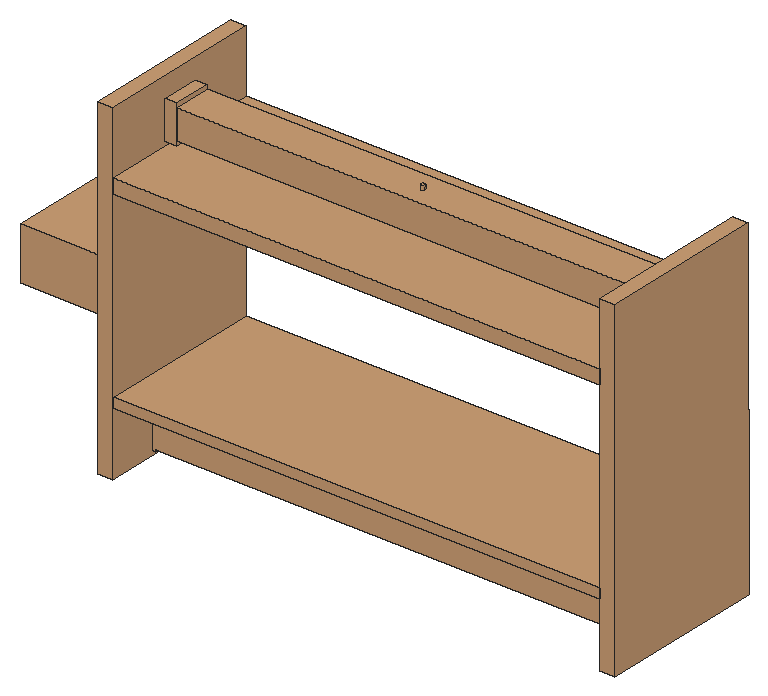
Revit family
Parameters
  Center of Unit = 0' - 0"  # constant formula
  Total Heating Capacity [instance] = 0.0 Btu/h
  Series = "VIFB"
  Outlet Area = 10.70 SF
  Lower Frame Thickness = if(Headers Height = 0' 3", 0' 1 1/4", if(Headers Height = 0' 3 1/4", 0' 1 1/4", 0' 0"))  # 0' - 1 1/4"
  Water Pressure Drop [instance] = 0.00 psi
  Water Flow [instance] = 0 GPM
  Unit Weight (lbs) = 627
  URL = "http://www.ljwing.com/"
  Water Outlet Radius = 0' - 1 1/2"
  Headers Height = if(M = 0' 1", 0' 3", if(M = 0' 1 1/2", 0' 3 1/4", 0' 0"))  # 0' - 3"
  Number of Rows = 2  # constant formula
  Number of Coils [instance] = 0
  Nominal Length = 5' - 8 5/16"
  N = 1' - 0 3/4"
  Model = "VA-6W"
  Manufacturer = "LJ Wing"
  M = 0' - 1"
  Leaving Water Temperature [instance] = 0 °F
  Leaving Air Temperature [instance] = 0 °F
  Entering Water Temperature [instance] = 0 °F
  Entering Air Temperature [instance] = 0 °F
  Description = "Vertical Integral Face & Bypass Water Heating Coils"
  Hot Water Inlet  Radius = 0' - 1 1/2"
  Coil Face Area = Outlet Area * 0.56  # 5.992 SF
  Casing Material = ""
  Assembly Code = "D3020300"
  Air Vent Radius = 0' - 0 1/4"
  Air Pressure Drop [instance] = 0.00 in-wg
  Air Inlet Width = Nominal Length - 0' 4"  # 5' - 4 5/16"
  Air Inlet Height = Y  # 2' - 0"
  Air Flow [instance] = 0 CFM
  Y = 2' - 0"
  S = 0' - 9 3/4"  # constant formula
  Product URL = "http://www.ljwing.com/html/vifb.asp"
  OmniClass = "23-75 70 21 14 "
  Nominal Height = 3' - 8"
  Nominal Depth = 1' - 10"
  R = 0' - 10 1/4"  # constant formula
  Q = 0' - 4 5/32"
Reference planes (in)
  plane 1 "Center (Front/Back)": y = 0
  plane 2: z = -12
  plane 3 "Center (Left/Right)": x = 0
  plane 4: z = 22.25
  plane 5: x = -34.15625
  plane 6: x = 34.15625
  plane 7: z = -21.75
  plane 8: z = 0
  plane 9: y = -11
  plane 10: y = 11
  plane 11: z = 12
  plane 12: z = 14
  plane 13: z = -13.25
  plane 14: x = 32.15625
  plane 15: x = -32.15625
  plane 16: x = -30
  plane 17: x = 30
  plane 18: y = 14.0625
  plane 19: x = -45.15625
  plane 20: z = 19.125
  plane 21: z = 15.125
  plane 22: y = -2.5
  plane 23: y = 2.5
  plane 24: y = -4.5
  plane 25: z = -19.375
  plane 26: x = -21.40625
  plane 27: x = 21.40625
  plane 28: z = -15.375
Forms (in)
  Extrusion 1, solid, material "Painted Finish"
    sketch origin (0, 6, -9.75) x (1, 0, 0) y (0, 0, 1)
      loop
        line (-34.15625, -12) -> (-32.15625, -12) -> (-32.15625, 32) -> (-34.15625, 32) -> (-34.15625, -12)
      loop
        line (34.15625, -12) -> (34.15625, 32) -> (32.15625, 32) -> (32.15625, -12) -> (34.15625, -12)
    from -5 to 17
  Extrusion 2, solid, material "Painted Finish"
    sketch origin (0, 6, 0) x (1, 0, 0) y (0, 0, 1)
      loop
        line (32.15625, -12) -> (-32.15625, -12) -> (-32.15625, -13.25) -> (32.15625, -13.25) -> (32.15625, -12)
      loop
        line (32.15625, 12) -> (32.15625, 14) -> (-32.15625, 14) -> (-32.15625, 12) -> (32.15625, 12)
    from -5 to 17
  Extrusion 3, solid, material "Painted Finish"
    sketch origin (0, 10, -0.5) x (1, 0, 0) y (0, 0, 1)
      loop
        line (-34.15625, 4) -> (-45.15625, 4) -> (-45.15625, -3) -> (-34.15625, -3) -> (-34.15625, 4)
    from 0 to 20
  Extrusion 4, solid, material "Painted Finish"
    sketch origin (0, 6, 0) x (1, 0, 0) y (0, 0, 1)
      loop
        line (-30.53125, 19.125) -> (-30.53125, 15.125) -> (30.53125, 15.125) -> (30.53125, 19.125) -> (-30.53125, 19.125)
    from 3.5 to 8.5
  Extrusion 5, solid, material "Painted Finish"
    sketch origin (0, 0, 0) x (1, 0, 0) y (0, 0, 1)
      loop
        line (-30.53125, 14.625) -> (-30.53125, 19.625) -> (-32.15625, 19.625) -> (-32.15625, 14.625) -> (-30.53125, 14.625)
      loop
        line (32.15625, 14.625) -> (32.15625, 19.625) -> (30.53125, 19.625) -> (30.53125, 14.625) -> (32.15625, 14.625)
    from -2.5 to 2.5
  Extrusion 6, solid, material "Painted Finish"
    sketch origin (0, 6, 0) x (1, 0, 0) y (0, 0, 1)
      loop
        line (-31.65625, -13.875) -> (-31.65625, -13.625) -> (-32.15625, -13.625) -> (-32.15625, -17.125) -> (-31.65625, -17.125) -> (-31.65625, -16.875) -> (31.65625, -16.875) -> (31.65625, -17.125) -> (32.15625, -17.125) -> (32.15625, -13.625) -> (31.65625, -13.625) -> (31.65625, -13.875) -> (-31.65625, -13.875)
      loop
        line (31.65625, -20.875) -> (31.65625, -21.125) -> (32.15625, -21.125) -> (32.15625, -17.625) -> (31.65625, -17.625) -> (31.65625, -17.875) -> (-31.65625, -17.875) -> (-31.65625, -17.625) -> (-32.15625, -17.625) -> (-32.15625, -21.125) -> (-31.65625, -21.125) -> (-31.65625, -20.875) -> (31.65625, -20.875)
    from -5 to 10.5
  Extrusion 7, void
    sketch origin (0, 0, 0) x (1, 0, 0) y (0, 0, 1)
      loop
        line (-32.15625, 12) -> (-32.15625, -12) -> (32.15625, -12) -> (32.15625, 12) -> (-32.15625, 12)
    from -11 to 11
  Extrusion 8, solid, material "Painted Finish"
    sketch origin (0, 0, 0) x (1, 0, 0) y (0, 0, 1)
      loop
        circle (21.40625, -19.375) r 1
      loop
        circle (-21.40625, -15.375) r 1
    from -14.0625 to -11
  Extrusion 9, solid, material "Painted Finish"
    sketch origin (0, 0, 0) x (1, 0, 0) y (0, 1, 0)
      loop
        circle (0, 0) r 0.25
    from 19.125 to 19.625
Cuts and joins
  Extrusion 7 cuts Extrusion 1
  Extrusion 7 cuts Extrusion 2
Dimensions and locks (in)
  "Nominal Length": plane 6 to plane 5
  equal spacing: plane 6, plane 3 "Center (Left/Right)", plane 5
  "S": plane 2 to plane 7
  "Nominal Depth": plane 10 to plane 9
  equal spacing: plane 10, plane 1 "Center (Front/Back)", plane 9
  "Y": plane 11 to plane 2
  "R": plane 4 to plane 11
  locked: plane 12 to plane 11 at 2
  "Lower Frame Thickness": plane 2 to plane 13
  "Q": plane 16 to plane 5
  "Q": plane 6 to plane 17
  locked: plane 18 to plane 10 at 3.0625
  locked: plane 5 to plane 19 at 11
  locked: Extrusion 3 sketch curve to Extrusion 3 sketch curve at 7
  locked: Extrusion 3 to Extrusion 3 at 20
  locked: plane 6 to plane 14 at 2
  locked: plane 15 to plane 5 at 2
  locked: Extrusion 5 sketch curve to plane 20 at 0.5
  locked: plane 21 to Extrusion 5 sketch curve at 0.5
  locked: plane 20 to plane 21 at 4
  locked: plane 23 to plane 22 at 5
  equal spacing: plane 23, plane 1 "Center (Front/Back)", plane 22
  locked: plane 22 to plane 24 at 2
  plane 4 to plane 7 = 3' - 8"
  locked: Extrusion 5 sketch curve to Extrusion 1 at 1.625
  locked: Extrusion 5 sketch curve to Extrusion 5 sketch curve at 1.625
  locked: Extrusion 7 sketch curve to plane 11 at 0
  locked: Extrusion 7 sketch curve to plane 15 at 0
  locked: Extrusion 7 sketch curve to plane 14 at 0
  locked: plane 15 to Extrusion 6 sketch curve at 0.5
  locked: Extrusion 6 sketch curve to Extrusion 6 sketch curve at 0.25  (x2)
  locked: plane 25 to plane 7 at 2.375
  "N": plane 26 to plane 5
  "N": plane 6 to plane 27
  locked: plane 28 to plane 7 at 6.375
  "Headers Height": Extrusion 6 sketch curve to Extrusion 6 sketch curve  (x2)
  locked: Extrusion 8 sketch curve to plane 25 at 0
  locked: Extrusion 8 sketch curve to plane 28 at 0
  locked: Extrusion 9 sketch curve to plane 1 "Center (Front/Back)" at 0
  locked: Extrusion 9 sketch curve to plane 3 "Center (Left/Right)" at 0
  equal spacing: Extrusion 6 sketch curve, plane 28, Extrusion 6 sketch curve
  equal spacing: Extrusion 6 sketch curve, plane 25, Extrusion 6 sketch curve
  locked: plane 4 to plane 20 at 3.125
  locked: Extrusion 7 sketch curve to plane 2 at 0
  equal spacing: plane 11, plane 8, plane 2
  locked: Extrusion 8 sketch curve to plane 27 at 0
  locked: Extrusion 8 sketch curve to plane 26 at 0
  "M": radius of Extrusion 8 sketch curve  (x2)
  "Air Vent Radius": radius of Extrusion 9 sketch curve
  aligned and locked: plane 9 to Extrusion 1
  aligned and locked: Extrusion 1 to plane 10
  aligned and locked: plane 15 to Extrusion 1
  aligned and locked: Extrusion 1 to plane 14
  aligned and locked: plane 9 to Extrusion 2
  aligned and locked: Extrusion 1 to plane 9
  aligned and locked: plane 10 to Extrusion 1  (x2)
  aligned and locked: Extrusion 2 to plane 10
  aligned and locked: plane 10 to Extrusion 2  (x2)
  aligned and locked: Extrusion 2 to plane 9  (x2)
  aligned and locked: plane 5 to Extrusion 3
  aligned and locked: Extrusion 5 sketch curve to plane 15
  aligned and locked: Extrusion 5 sketch curve to Extrusion 4
  aligned and locked: Extrusion 1 to Extrusion 6
  aligned and locked: plane 22 to Extrusion 5
  aligned and locked: Extrusion 5 to Extrusion 4  (x2)
  aligned and locked: Extrusion 5 to plane 23
  aligned and locked: plane 24 to Extrusion 6
  aligned and locked: Extrusion 4 to Extrusion 5  (x2)
  aligned and locked: Extrusion 5 to Extrusion 1  (x2)
  aligned and locked: Extrusion 1 to Extrusion 7  (x2)
  aligned and locked: Extrusion 8 to plane 18
  aligned and locked: plane 10 to Extrusion 8
  aligned and locked: plane 20 to Extrusion 9
  aligned and locked: Extrusion 9 to Extrusion 5
  aligned and locked: plane 2 to cut or joined group of Extrusion 2, Extrusion 7
  aligned and locked: plane 6 to Extrusion 1 sketch curve
  aligned and locked: plane 14 to Extrusion 1 sketch curve
  aligned and locked: Extrusion 1 sketch curve to plane 15
  aligned and locked: Extrusion 1 sketch curve to plane 5
  aligned and locked: Extrusion 1 sketch curve to plane 4  (x2)
  aligned and locked: plane 7 to Extrusion 1 sketch curve  (x2)
  aligned and locked: Extrusion 2 sketch curve to plane 11
  aligned and locked: Extrusion 2 sketch curve to plane 12
  aligned and locked: plane 2 to Extrusion 2 sketch curve
  aligned and locked: Extrusion 2 sketch curve to plane 13
  aligned and locked: Extrusion 2 sketch curve to plane 14  (x2)
  aligned and locked: Extrusion 2 sketch curve to plane 15  (x2)
  aligned and locked: plane 20 to Extrusion 4 sketch curve
  aligned and locked: Extrusion 4 sketch curve to plane 21
  aligned and locked: Extrusion 6 sketch curve to plane 14  (x2)
  aligned and locked: plane 15 to Extrusion 6 sketch curve  (x2)
Automatic sketch dimensions
  Extrusion 3 sketch curve to plane 19 = 0' - 0"
  Extrusion 3 sketch curve to plane 5 = 0' - 0"
  plane 8 to Extrusion 3 sketch curve = 0' - 3 1/2"
  Extrusion 4 sketch curve to plane 16 = 0' - 0 17/32"
  plane 17 to Extrusion 4 sketch curve = 0' - 0 17/32"
  plane 21 to Extrusion 5 sketch curve = 0' - 0 1/2"
  Extrusion 5 sketch curve to plane 20 = 0' - 0 1/2"
  plane 15 to Extrusion 6 sketch curve = 0' - 0 1/2"  (x2)
  Extrusion 6 sketch curve to Extrusion 6 sketch curve = 0' - 0 1/4"  (x5)
  Extrusion 6 sketch curve to Extrusion 6 sketch curve = 0' - 0"  (x2)
  Extrusion 6 sketch curve to plane 14 = 0' - 0 1/2"  (x2)
  Extrusion 6 sketch curve to Extrusion 6 sketch curve = 0' - 0 1/2"
  Extrusion 6 sketch curve to plane 7 = 0' - 0 5/8"
Connectors (in)
  hvac at (0, -11, 0), driven by "Air Inlet Height", driven by "Air Inlet Width", driven by "Air Flow", driven by "Air Pressure Drop"
    settings: on Extrusion 7, index 1
  hvac at (0, 11, 0), driven by "Air Pressure Drop", driven by "Air Inlet Height", driven by "Air Inlet Width", driven by "Air Flow"
    settings: on Extrusion 7, index 2
  piping at (-21.40625, 14.0625, -15.375), driven by "M", driven by "Water Flow", driven by "Water Pressure Drop"
    settings: on Extrusion 8, index 4
  piping at (21.40625, 14.0625, -19.375), driven by "Water Pressure Drop", driven by "Water Flow", driven by "M"
    settings: on Extrusion 8, index 5
